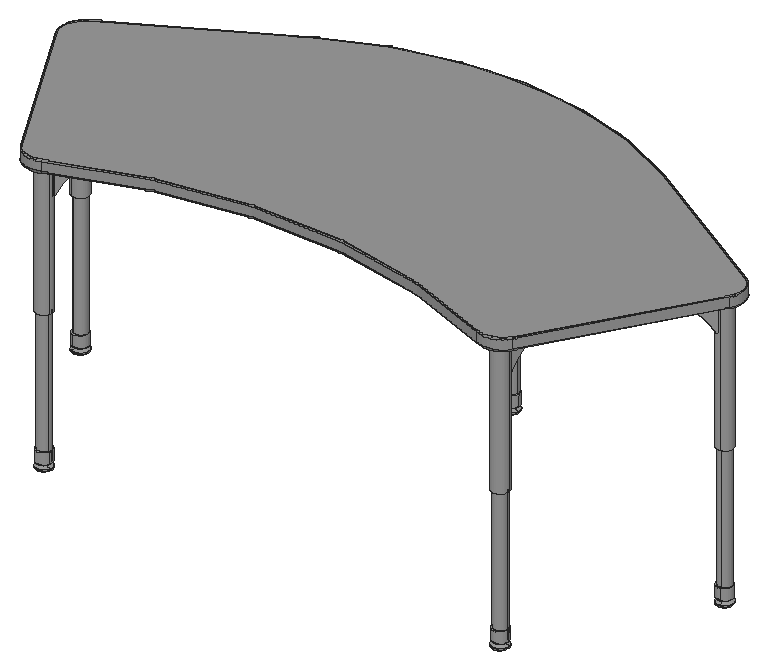
Revit family "Hierarchy Cheshire 72in Table", category Furniture, Revit 2018
Family settings
  Work Plane-Based = No
  Always vertical = Yes
  Cut with Voids When Loaded = No
  Shared = No
  Room Calculation Point = No
Parameters
  Table Height = 2' - 5"
  Surface = Hierarchy Cheshire 72" Table Surface
  Leg Finish = Hierarchy Leg Platinum
  Edgeband = Hierarchy Cheshire 72" Table Edgeband
  Caster/Glide = Hierarchy Leg - Glide : Hierarchy Leg - Glide
Reference planes (in)
  plane 1 "Center (Front/Back)": y = 0
  plane 2: z = 0
  plane 3 "Center (Left/Right)": x = 0
  plane 4: z = 29
Dimensions and locks (in)
  "Table Height": plane 4 to level
  aligned and locked: plane 2 to level
  aligned and locked: nested 6 to plane 4
Nested families (in)
  nested 1: "Hierarchy Leg - Glide" at (-24.1536, -18.53982, 0) x (-0.9534, 0.3016, 0) z (0, 0, 1), type <- "Caster/Glide", Leg Finish <- "Leg Finish", Leg Height <- "Table Height", type "Hierarchy Leg - Glide"
  nested 2: "Hierarchy Leg - Glide" at (-34.0978, -1.28673, 0) x (-0.2588, -0.9659, 0) z (0, 0, 1), type <- "Caster/Glide", Leg Finish <- "Leg Finish", Leg Height <- "Table Height", type "Hierarchy Leg - Glide"
  nested 3: "Hierarchy Leg - Glide" at (0, 13.06799, 0) x (-1, 0, 0) z (0, 0, 1), Leg Finish <- "Leg Finish", Leg Height <- "Table Height", type "Hierarchy Leg - Glide"
    with Leg Height 2' - 5", Leg Finish Hierarchy Leg Platinum
  nested 4: "Hierarchy Leg - Glide" at (24.12564, -18.53982, 0) x (0.9534, 0.3016, 0) z (0, 0, 1), Leg Finish <- "Leg Finish", Leg Height <- "Table Height", type "Hierarchy Leg - Glide"
  nested 5: "Hierarchy Leg - Glide" at (34.06983, -1.28673, 0) x (0.2588, -0.9659, 0) z (0, 0, 1), Leg Finish <- "Leg Finish", Leg Height <- "Table Height", type "Hierarchy Leg - Glide"
  nested 6: "Hierarchy Cheshire 72in Tabletop" at (0, 3, 5.075), type "Hierarchy Cheshire 72in Tabletop"
Definition of nested family "Hierarchy Leg - Glide"
  Parameters (values of type "Hierarchy Leg - Glide")
    Leg Finish [instance] = none
    Leg Height [instance] = 2' - 5"
  Reference planes (in)
    plane 1 "Center (Front/Back)": y = 0
    plane 2: z = 0
    plane 3 "Center (Left/Right)": x = 0
  Forms (in)
    Extrusion 1, solid
      sketch origin (-0.01562, 0, 0) x (1, 0, 0) y (0, 1, 0)
        loop
          circle (0.01563, 0) r 0.67016
      from 0.67618 to 16.17618
    Revolve 2, solid
      sketch origin (0, 0, 0) x (1, 0, 0) y (0, 0, 1)
        loop
          line (-0.73189, 1.80118) -> (-0.79439, 1.73867) -> (-0.79439, 0.61381) -> (-0.73176, 0.55118) -> (-0.125, 0.55118) -> (-0.125, 0.42618) -> (-0.84656, 0.16241) -> (-0.84656, 0.08994) -> (-0.81359, 0) -> (0, 0) -> (0, 1.80118) -> (-0.73189, 1.80118)
        axis (0, 1.80118) -> (0, 0)
      angle from 0 to 360
  Dimensions and locks (in)
    "Leg Height": nested 1 to level
    aligned and locked: plane 2 to level
  Automatic sketch dimensions
    plane 1 "Center (Front/Back)" to Extrusion 1 sketch curve = 0' - 0"
    Extrusion 1 sketch curve to plane 3 "Center (Left/Right)" = 0' - 0"
    Revolve 2 sketch curve to level = 0' - 0"
    Revolve 2 sketch curve to plane 3 "Center (Left/Right)" = 0' - 0"  (x2)
    Revolve 2 sketch curve to plane 3 "Center (Left/Right)" = 0' - 0 1/8"
    Revolve 2 sketch curve to Revolve 2 sketch curve = 0' - 0.60676"
    Revolve 2 sketch curve to Revolve 2 sketch curve = 0' - 0.73189"
    Revolve 2 sketch curve to Revolve 2 sketch curve = 0' - 0.06263"  (x2)
    Revolve 2 sketch curve to Revolve 2 sketch curve = 0' - 0.08183"
    Revolve 2 sketch curve to Revolve 2 sketch curve = 0' - 0.03297"
    level to Revolve 2 sketch curve = 0' - 0.08994"
    Revolve 2 sketch curve to Revolve 2 sketch curve = 0' - 0.07247"
    level to Revolve 2 sketch curve = 0' - 0.42618"
    Revolve 2 sketch curve to Revolve 2 sketch curve = 0' - 0 1/8"
    Revolve 2 sketch curve to Revolve 2 sketch curve = 0' - 1.12486"
    Revolve 2 sketch curve to Revolve 2 sketch curve = 0' - 0 1/16"
    Revolve 2 sketch curve to level = 2' - 0"
    Revolve 2 sketch curve to Revolve 2 sketch curve = 8' - 4.91764"
    radius of Extrusion 1 sketch curve = 0' - 0.67016"
  Nested families (in)
    nested 1: "Hierarchy Upper Leg 2023" at (0, 0, 1.19783), Shapes Leg Finish <- "Leg Finish", type "Hierarchy Upper Leg 2023"
      with Shapes Leg Finish none
  Definition of nested family "Hierarchy Upper Leg 2023"
    Parameters (values of type "Hierarchy Upper Leg 2023")
      Shapes Leg Finish [instance] = none
    Reference planes (in)
      plane 1 "Center (Front/Back)": y = 0
      plane 2: z = 0
      plane 3 "Center (Left/Right)": x = 0
    Forms (in)
      Extrusion 1, solid, material <- "Shapes Leg Finish"
        sketch origin (0, 0, 0) x (1, 0, 0) y (0, 1, 0)
          loop
            circle (0, 0) r 0.84802
        from 13.67618 to 27.67618
      Extrusion 2, solid, material <- "Shapes Leg Finish"
        sketch origin (0, 0, 0) x (1, 0, 0) y (0, 1, 0)
          loop
            line (-1.70174, 0.19183) -> (-2.88626, -2.26116)
            arc (-2.88626, -2.26116) -> (-2.83993, -3.09822) -> (-2.1063, -3.50394) r 0.86614
            line (-2.1063, -3.50394) -> (2.1063, -3.50394)
            arc (2.1063, -3.50394) -> (2.83993, -3.09822) -> (2.88626, -2.26116) r 0.86614
            line (2.88626, -2.26116) -> (1.70174, 0.19183)
            arc (1.70174, 0.19183) -> (0, 1.25984) -> (-1.70174, 0.19183) r 1.88976
        from 27.67618 to 27.80217
      Extrusion 3, solid, material <- "Shapes Leg Finish"
        sketch origin (-1.48519, 8.66524, 0) x (-0.434844, 0.900506, 0) y (0, 0, 1)
          loop
            line (-9.01425, 27.67618) -> (-11.80952, 27.67618)
            arc (-11.80952, 27.67618) -> (-11.92325, 27.58993) -> (-11.87088, 27.45715) r 0.11811
            arc (-11.87088, 27.45715) -> (-10.39364, 26.29679) -> (-9.23328, 24.81955) r 7.87402
            arc (-9.23328, 24.81955) -> (-9.1005, 24.76717) -> (-9.01425, 24.88091) r 0.11811
            line (-9.01425, 24.88091) -> (-9.01425, 27.67618)
        from -1.94075 to -1.81476
      Extrusion 4, solid, material <- "Shapes Leg Finish"
        sketch origin (1.48519, 8.66524, 0) x (0.434844, 0.900506, 0) y (0, 0, -1)
          loop
            line (-9.01425, -27.67618) -> (-9.01425, -24.88091)
            arc (-9.01425, -24.88091) -> (-9.1005, -24.76717) -> (-9.23328, -24.81955) r 0.11811
            arc (-9.23328, -24.81955) -> (-10.39364, -26.29679) -> (-11.87088, -27.45715) r 7.87402
            arc (-11.87088, -27.45715) -> (-11.92325, -27.58993) -> (-11.80952, -27.67618) r 0.11811
            line (-11.80952, -27.67618) -> (-9.01425, -27.67618)
        from -1.94075 to -1.81476
    Dimensions and locks (in)
      aligned and locked: plane 2 to level
Definition of nested family "Hierarchy Cheshire 72in Tabletop"
  Parameters (values of type "Hierarchy Cheshire 72in Tabletop")
    Surface = none
    Edgeband = none
  Reference planes (in)
    plane 1 "Center (Front/Back)": y = 0
    plane 2: z = 0
    plane 3 "Center (Left/Right)": x = 0
  Forms (in)
    Extrusion 1, solid, material <- "Surface"
      sketch origin (0, 0, 0) x (1, 0, 0) y (0, 1, 0)
        loop
          line (-35.59385, -5.53832) -> (-25.96523, -22.21558)
          arc (-25.96523, -22.21558) -> (-24.68196, -23.24647) -> (-23.03928, -23.14102) r 2.27344
          arc (-23.03928, -23.14102) -> (0, -18.05505) -> (23.03928, -23.14102) r 54.72656
          arc (23.03928, -23.14102) -> (24.68196, -23.24647) -> (25.96523, -22.21558) r 2.27344
          line (25.96523, -22.21558) -> (35.59385, -5.53832)
          arc (35.59385, -5.53832) -> (35.82097, -3.81319) -> (34.76172, -2.43275) r 2.27344
          line (34.76172, -2.43275) -> (18.6245, 6.88408)
          arc (18.6245, 6.88408) -> (0, 11.8745) -> (-18.6245, 6.88408) r 37.24899
          line (-18.6245, 6.88408) -> (-34.76172, -2.43275)
          arc (-34.76172, -2.43275) -> (-35.82097, -3.81319) -> (-35.59385, -5.53832) r 2.27344
      from 23.925 to 25.125
    Sweep 2, solid, material <- "Edgeband"
      path origin (0, 0, 0) x (1, 0, 0) y (0, 1, 0)
        loop
          line (-35.59385, -5.53832) -> (-25.96523, -22.21558)
          arc (-25.96523, -22.21558) -> (-24.68196, -23.24647) -> (-23.03928, -23.14102) r 2.27344
          arc (-23.03928, -23.14102) -> (0, -18.05505) -> (23.03928, -23.14102) r 54.72656
          arc (23.03928, -23.14102) -> (24.68196, -23.24647) -> (25.96523, -22.21558) r 2.27344
          line (25.96523, -22.21558) -> (35.59385, -5.53832)
          arc (35.59385, -5.53832) -> (35.82097, -3.81319) -> (34.76172, -2.43275) r 2.27344
          line (34.76172, -2.43275) -> (18.6245, 6.88408)
          arc (18.6245, 6.88408) -> (0, 11.8745) -> (-18.6245, 6.88408) r 37.24899
          line (-18.6245, 6.88408) -> (-34.76172, -2.43275)
          arc (-34.76172, -2.43275) -> (-35.82097, -3.81319) -> (-35.59385, -5.53832) r 2.27344
      profile origin (-30.77954, -13.87695, 0) x (0.866025, 0.5, 0) y (0, 0, 1)
        loop
          arc (0, 25.125) -> (-0.07071, 25.09571) -> (-0.1, 25.025) r 0.1
          line (-0.1, 25.025) -> (-0.1, 24.025)
          arc (-0.1, 24.025) -> (-0.07071, 23.95429) -> (0, 23.925) r 0.1
          line (0, 23.925) -> (0, 25.125)
  Dimensions and locks (in)
    aligned and locked: plane 2 to level
